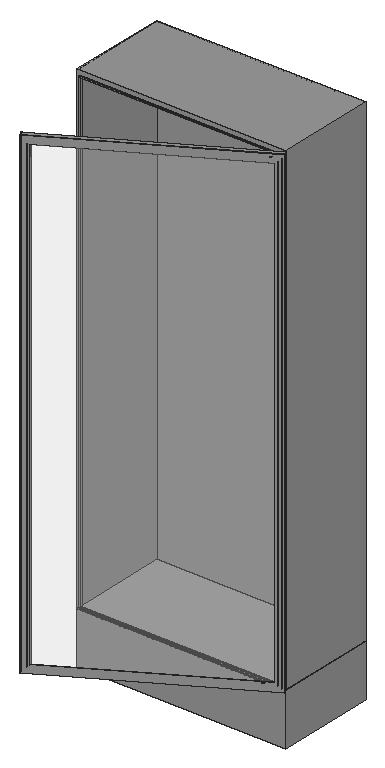
Revit family "Hager-Univers-IP55-D400-H2050-Cl.II-Steel_encl-NoHosted-NL-en", category Equipement électrique, Revit 2020
Family settings
  Configuration du panneau = Deux colonnes, circuits au sein
  Cote de connecteur circulaire = Utiliser le diamètre
  Type d'élément = Tableau de raccordement
  Basée sur le plan de construction = Oui
  Toujours verticalement = Oui
  Couper avec des vides une fois chargée = Non
  Partagée = Non
  Point de calcul de pièce = Non
Parameters (values of type "Floor installation IP55 W800 H2050 D400  - FR23U2")
  Width Control [instance] = if([EF000008 - Width] > Min Width, [EF000008 - Width], Min Width)  # 800 mm
  Commentaires du type = [HG000003 - Range]  # "Univers"
  Thickness Door [instance] = if([EF009171 - Material plate thickness door/cover] > 3 mm, 3 mm, [EF009171 - Material plate thickness door/cover])  # 1.5 mm
  Seal Frame Offset [instance] = 17 mm  # constant formula
  Plinth Visibility [instance] = [HG000027 - Plinth height] > 0 mm  # yes
  Min Width [instance] = 100 mm  # constant formula
  Min Depth [instance] = (2 * [EF009170 - Material plate thickness cabinet]) + 1 mm  # 4 mm
  Min Height [instance] = 100 mm  # constant formula
  Internal Frame Depth [instance] = (Door System Depth * 0.5)  # 9 mm
  Panel Name [instance] = ""  # (empty or 0)
  Model = ""
  HG000027 - Plinth height = 200 mm
  HG000026 - Floor standing = yes
  HG000024 - Bottom section height = 600 mm
  HG000023 - Double section enclosure = no
  HG000016 - Door 3d visibility [instance] = yes
  HG000015 - Clearance visibility [instance] = no
  HG000014 - Door on the right [instance] = yes
  HG000013 - Door on the left [instance] = not([HG000014 - Door on the right])  # no
  HG000012 - Door swing angle [instance] = 30.00°
  HG000010 - Asymmetric doors = no
  HG000009 - Double swing door = no
  HG000006 - Flush mounted = no
  HG000004 - Manufacturer reference = "FR23U2"
  HG000003 - Range = "Univers"
  HG000002 - With door or cover = yes
  Frame Offset Bottom [instance] = 10 mm  # constant formula
  Frame Offset [instance] = 15 mm  # constant formula
  EF015940 - Cover with overpressure release = no
  EF011959 - Degree of protection (NEMA) = ""
  EF009554 - Number of openings for flange plates = 6
  EF009212 - Cover model = "EV000116 - Closed"
  EF009171 - Material plate thickness door/cover = 1.5 mm
  EF009170 - Material plate thickness cabinet = 1.5 mm
  EF008873 - Nominal current (In) = 800 A
  EF007800 - Suitable for lightning protection = no
  EF006306 - With lock = no
  EF006244 - Transparent cover/door = yes
  EF005474 - Degree of protection (IP) = "EV006420 - IP55"
  EF004464 - Type of door = "EV002646 - Single"
  EF004427 - Number of modules = 432
  EF004293 - Impact strength = "EV008784 - IK10"
  EF003532 - Suitable for outdoor use = no
  EF002950 - Width in number of modular spacings = 24
  EF001613 - Circuit integrity = "EV000494 - None"
  EF001596 - Material housing = "EV000179 - Steel"
  EF001131 - Internal depth = 400 mm
  EF001088 - Extension possible = yes
  EF000437 - Number of conduit inlets = 6
  EF000339 - Type of cover = "EV004216 - Door"
  EF000266 - Number of rows = 12
  EF000218 - Built-in depth = 0 mm
  EF000118 - With mounting plate = no
  EF000116 - RAL-number = "7035"
  EF000049 - Depth = 400 mm
  EF000040 - Height = 2050 mm
  EF000008 - Width = 800 mm
  EF000007 - Colour = "EV000270 - Grey"
  EF000003 - Mounting method = "EV012274 - Floor installation"
  Door System Leaf Tolerance [instance] = 1.5 mm  # constant formula
  Door System Depth [instance] = 18 mm  # constant formula
  Door Height [instance] = Height Control - [HG000027 - Plinth height]  # 1850 mm
  Description = ""
  Default Elevation = 1219.2 mm
  Connector Offset [instance] = Height Control / 2  # 1025 mm
  Fabricant = "Hager"  # constant formula
  Height Control [instance] = if([EF000040 - Height] > Min Height, [EF000040 - Height], Min Height)  # 2050 mm
  Depth Control [instance] = if([EF000049 - Depth] > Min Depth, [EF000049 - Depth], Min Depth)  # 400 mm
  Bottom Top Plate Trim [instance] = 1.5 mm  # constant formula
  Plinth height Ctrl [instance] = if([HG000027 - Plinth height] > 0 mm, [HG000027 - Plinth height], 12 mm)  # 200 mm
Types (11, lengths in mm): name | Width Control | HG000010 - Asymmetric doors | HG000009 - Double swing door | HG000004 - Manufacturer reference | EF009554 - Number of openings for flange plates | EF006244 - Transparent cover/door | EF004464 - Type of door | EF004427 - Number of modules | EF000437 - Number of conduit inlets | EF000008 - Width
  Floor installation IP55 W1050 H2050 D400  - FR24H2 | 1050 | yes | yes | "FR24H2" | 8 | no | "EV003602 - Double" | 576 | 8 | 1050
  Floor installation IP55 W1050 H2050 D400  - FR24U2 | 1050 | yes | yes | "FR24U2" | 8 | yes | "EV003602 - Double" | 576 | 8 | 1050
  Floor installation IP55 W1300 H2050 D400  - FR25H2 | 1300 | yes | yes | "FR25H2" | 10 | no | "EV003602 - Double" | 720 | 10 | 1300
  Floor installation IP55 W1300 H2050 D400  - FR25U2 | 1300 | yes | yes | "FR25U2" | 10 | yes | "EV003602 - Double" | 720 | 10 | 1300
  Floor installation IP55 W1550 H2050 D400  - FR26H2 | 1550 | yes | yes | "FR26H2" | 12 | no | "EV003602 - Double" | 864 | 12 | 1550
  Floor installation IP55 W1550 H2050 D400  - FR26U2 | 1550 | yes | yes | "FR26U2" | 12 | yes | "EV003602 - Double" | 864 | 12 | 1550
  Floor installation IP55 W300 H2050 D400  - FR21H2 | 300 | no | no | "FR21H2" | 2 | no | "EV002646 - Single" | 144 | 2 | 300
  Floor installation IP55 W550 H2050 D400  - FR22H2 | 550 | no | no | "FR22H2" | 4 | no | "EV002646 - Single" | 288 | 4 | 550
  Floor installation IP55 W550 H2050 D400  - FR22U2 | 550 | no | no | "FR22U2" | 4 | yes | "EV002646 - Single" | 288 | 4 | 550
  Floor installation IP55 W800 H2050 D400  - FR23H2 | 800 | no | no | "FR23H2" | 6 | no | "EV002646 - Single" | 432 | 6 | 800
  Floor installation IP55 W800 H2050 D400  - FR23U2 | 800 | no | no | "FR23U2" | 6 | yes | "EV002646 - Single" | 432 | 6 | 800
Reference planes
  plane 1 "Center (Front/Back)": y = 0
  plane 2: z = 0
  plane 3 "Center (Left/Right)": x = 0
  plane 4: y = 0
  plane 5: y = 0
  plane 6: z = 0
  plane 7: x = -400
  plane 8: x = 400
  plane 9: x = 398.5
  plane 10: x = -398.5
  plane 11: z = 200
  plane 12: z = 201.5
  plane 13: y = -400
  plane 14: y = -1.5
  plane 15: x = 0
  plane 16: y = -382
  plane 17: y = -398.5
  plane 18: y = -380.5
  plane 19: x = -383.5
  plane 20: x = 383.5
  plane 21: z = 211.5
  plane 22: x = -383
  plane 23: x = 383
  plane 24: z = 200
  plane 25: z = 2050
  plane 26: z = 2050
  plane 27: z = 2033.5
  plane 28: z = 2048.5
Forms (mm)
  Extrusion 1, solid, material "Hager_Steel_RAL7035_Light_Grey", detail levels medium+fine
    sketch origin (-208.679, -4572, 200) x (-1, 0, 0) y (0, -1, 0)
      loop
        line (191.321, -4190) -> (-608.679, -4190) -> (-608.679, -4572) -> (191.321, -4572) -> (191.321, -4190)
    from 0 to 1850
  Extrusion 2, void
    sketch origin (-350.771, -400, 1219.2) x (1, 0, 0) y (0, 0, 1)
      loop
        line (-47.729, 829.3) -> (-47.729, -1017.7) -> (749.271, -1017.7) -> (749.271, 829.3) -> (-47.729, 829.3)
    from -19.5 to -398.5
  Extrusion 3, void
    sketch origin (-290.084, -382, 1219.2) x (1, 0, 0) y (0, 0, 1)
      loop
        line (-93.416, -1007.7) -> (673.584, -1007.7) -> (673.584, 814.3) -> (-93.416, 814.3) -> (-93.416, -1007.7)
    from 0 to -1.5
  Extrusion 4, solid, material "Hager_Steel_RAL7035_Light_Grey", visible <- "Plinth Visibility", detail levels medium+fine
    sketch origin (0, 0, 0) x (1, 0, 0) y (0, 1, 0)
      loop
        line (-400, 0) -> (-400, -382) -> (400, -382) -> (400, 0) -> (-400, 0)
    from 0 to 200 <- "Plinth height Ctrl"
  Extrusion 5, solid, material "Hager_Steel_RAL7035_Light_Grey", detail levels coarse
    sketch origin (0, 0, 0) x (1, 0, 0) y (0, 1, 0)
      loop
        line (-400, 0) -> (-400, -400) -> (400, -400) -> (400, 0) -> (-400, 0)
    from 0 to 2050 <- "Height Control"
  Sweep 6, void
    path in 3D
      loop
        line (-400, -382, 200) -> (400, -382, 200) -> (400, 0, 200) -> (-400, 0, 200) -> (-400, -382, 200)
    profile origin (-400, -191, 200) x (1, 0, 0) y (0, 0, 1)
      loop
        line (0, 0) -> (0, -1.5) -> (1.5, -1.5)
        arc (1.5, -1.5) -> (1.061, -0.439) -> (0, 0) r 1.5
  Extrusion 7, solid, material "Hager_Steel_RAL7035_Light_Grey", detail levels fine
    sketch origin (-400, -382, 200) x (1, 0, 0) y (0, 0, 1)
      loop
        line (16.5, 11.5) -> (783.5, 11.5) -> (783.5, 1833.5) -> (16.5, 1833.5) -> (16.5, 11.5)
      loop
        line (15, 10) -> (785, 10) -> (785, 1835) -> (15, 1835) -> (15, 10)
    from 0 to 9 <- "Internal Frame Depth"
Cuts and joins
  Extrusion 2, Extrusion 3 cuts Extrusion 1
  Sweep 6 cuts Extrusion 4
Lines and regions (mm)
  Masking region 1
    outline origin (0, 0, 0) x (1, 0, 0) y (0, 1, 0)
      loop
        line (-400, 0) -> (-400, -400) -> (400, -400) -> (400, 0) -> (-400, 0)
  Masking region 2, detail levels coarse
    outline origin (-290.084, -382, 1219.2) x (-1, 0, 0) y (0, 0, 1)
      loop
        line (-690.084, -1219.2) -> (109.916, -1219.2) -> (109.916, 830.8) -> (-690.084, 830.8) -> (-690.084, -1219.2)
  Masking region 3, detail levels coarse
    outline origin (0, 0, 0) x (0, 1, 0) y (0, 0, 1)
      loop
        line (0, 0) -> (0, 2050) -> (-400, 2050) -> (-400, 0) -> (0, 0)
  Masking region 4, visible <- "Plinth Visibility", detail levels medium+fine
    outline origin (0, 0, 0) x (0, 1, 0) y (0, 0, 1)
      loop
        line (-1.5, 200) -> (-380.5, 200)
        arc (-380.5, 200) -> (-380.939, 198.939) -> (-382, 198.5) r 1.5
        line (-382, 198.5) -> (-382, 0) -> (0, 0) -> (0, 198.5)
        arc (0, 198.5) -> (-1.061, 198.939) -> (-1.5, 200) r 1.5
  Masking region 5, detail levels medium+fine
    outline origin (0, 0, 594.038) x (0, 1, 0) y (0, 0, 1)
      loop
        line (0, -394.038) -> (0, 1455.962) -> (-382, 1455.962) -> (-382, -394.038) -> (0, -394.038)
  Masking region 6, detail levels medium+fine
    outline origin (-359.7, -382, 1211.883) x (-1, 0, 0) y (0, 0, 1)
      loop
        line (-759.7, -1011.883) -> (40.3, -1011.883) -> (40.3, 838.117) -> (-759.7, 838.117) -> (-759.7, -1011.883)
  Masking region 7, visible <- "Plinth Visibility", detail levels medium+fine
    outline origin (-320.334, -382, 1041.368) x (-1, 0, 0) y (0, 0, 1)
      loop
        line (-720.334, -1041.368) -> (79.666, -1041.368) -> (79.666, -842.868)
        arc (79.666, -842.868) -> (78.606, -842.429) -> (78.166, -841.368) r 1.5
        line (78.166, -841.368) -> (-718.834, -841.368)
        arc (-718.834, -841.368) -> (-719.273, -842.429) -> (-720.334, -842.868) r 1.5
        line (-720.334, -842.868) -> (-720.334, -1041.368)
  sketch lines
    curve 1: line (-400, 0, 200) -> (-400, -382, 200)
    curve 2: line (-400, -382, 200) -> (400, -382, 200)
    curve 3: line (400, 0, 200) -> (-400, 0, 200)
    curve 4: line (400, -382, 200) -> (400, 0, 200)
Dimensions and locks
  locked: plane 1 "Center (Front/Back)" to plane 5
  "EF009170 - Material plate thickness cabinet": plane 7 to plane 10
  "EF009170 - Material plate thickness cabinet": plane 8 to plane 9
  equal spacing: plane 7, plane 3 "Center (Left/Right)", plane 8
  "Width Control": plane 7 to plane 8
  "Depth Control": plane 4 to plane 13
  "EF009170 - Material plate thickness cabinet": plane 4 to plane 14
  "Height Control": plane 25 to level
  "HG000027 - Plinth height": plane 11 to level
  "EF009170 - Material plate thickness cabinet": plane 12 to plane 11
  "EF009170 - Material plate thickness cabinet": plane 17 to plane 13
  "EF009170 - Material plate thickness cabinet": plane 18 to plane 16
  "Frame Offset Bottom": plane 21 to plane 12
  "Frame Offset": plane 10 to plane 19
  "Frame Offset": plane 9 to plane 20
  "Door System Depth": plane 16 to plane 13
  "Seal Frame Offset": plane 7 to plane 22
  "Seal Frame Offset": plane 8 to plane 23
  "EF009170 - Material plate thickness cabinet": plane 26 to plane 28
  "Frame Offset": plane 28 to plane 27
  "Connector Offset": plane 2 to connector elem
  "Bottom Top Plate Trim": profile plane to Sweep 6 sketch curve
  "Bottom Top Plate Trim": Sweep 6 sketch curve to Sweep 6 sketch curve
  "Plinth height Ctrl": Masking region 4 sketch curve to level
  "Plinth height Ctrl": Masking region 7 sketch curve to level
  "Thickness Door": Extrusion 7 sketch curve to Extrusion 7 sketch curve  (x4)
  "Bottom Top Plate Trim": radius of Sweep 6 sketch curve
  "Bottom Top Plate Trim": radius of Masking region 4 sketch curve  (x2)
  "Bottom Top Plate Trim": radius of Masking region 7 sketch curve  (x2)
  aligned and locked: Extrusion 2 sketch curve to plane 12
  aligned and locked: Extrusion 2 sketch curve to plane 9
  aligned and locked: Extrusion 2 sketch curve to plane 10
  aligned and locked: Extrusion 2 to plane 14
  aligned and locked: Extrusion 1 sketch curve to plane 4
  aligned and locked: plane 8 to Extrusion 1 sketch curve
  aligned and locked: plane 7 to Extrusion 1 sketch curve
  aligned and locked: Extrusion 2 to plane 18
  aligned and locked: Extrusion 3 sketch curve to plane 19
  aligned and locked: plane 20 to Extrusion 3 sketch curve
  aligned and locked: Extrusion 3 to Extrusion 2
  aligned and locked: Extrusion 3 sketch curve to plane 21
  aligned and locked: plane 3 "Center (Left/Right)" to nested 1
  aligned and locked: Extrusion 1 sketch curve to plane 16
  aligned and locked: Extrusion 4 sketch curve to cut or joined group of Extrusion 1, Extrusion 2, Extrusion 3
  aligned and locked: Masking region 1 sketch curve to plane 7
  aligned and locked: Masking region 1 sketch curve to plane 5
  aligned and locked: Masking region 1 sketch curve to plane 8
  aligned and locked: Masking region 2 sketch curve to level
  aligned and locked: level to Masking region 3 sketch curve
  aligned and locked: plane 1 "Center (Front/Back)" to Masking region 3 sketch curve
  aligned and locked: plane 13 to Masking region 3 sketch curve
  aligned and locked: plane 5 to Masking region 4 sketch curve
  aligned and locked: Masking region 2 sketch curve to plane 8
  aligned and locked: Masking region 2 sketch curve to plane 7
  aligned and locked: plane 7 to nested 2
  aligned and locked: nested 2 to plane 5
  aligned and locked: plane 5 to Masking region 5 sketch curve
  aligned and locked: plane 26 to Masking region 5 sketch curve
  aligned and locked: Extrusion 5 sketch curve to plane 8
  aligned and locked: Extrusion 5 sketch curve to plane 7
  aligned and locked: Extrusion 5 sketch curve to plane 5
  aligned and locked: Extrusion 3 sketch curve to plane 27
  aligned and locked: Extrusion 2 sketch curve to plane 28
  aligned and locked: Masking region 2 to plane 25
  aligned and locked: Extrusion 4 to plane 16
  aligned and locked: profile plane to Sweep 6 sketch curve
  aligned and locked: Masking region 5 sketch curve to plane 24
  aligned and locked: level to Masking region 4 sketch curve
  aligned and locked: Masking region 1 to plane 13
  aligned and locked: nested 1 to plane 16
  aligned and locked: Masking region 3 to plane 25
  aligned and locked: plane 16 to Masking region 4 sketch curve
  aligned and locked: Masking region 5 sketch curve to plane 16
  aligned and locked: plane 24 to plane 11
  aligned and locked: plane 26 to plane 25
  aligned and locked: plane 26 to cut or joined group of Extrusion 1, Extrusion 2, Extrusion 3
  aligned and locked: nested 1 to plane 24
  aligned and locked: Extrusion 1 to Extrusion 3
  aligned and locked: Masking region 6 sketch curve to plane 8
  aligned and locked: Masking region 6 sketch curve to plane 24
  aligned and locked: Masking region 6 sketch curve to plane 7
  aligned and locked: Masking region 6 sketch curve to plane 26
  aligned and locked: Masking region 7 sketch curve to plane 7
  aligned and locked: level to Masking region 7 sketch curve
  aligned and locked: Masking region 7 sketch curve to plane 8
  aligned and locked: Extrusion 7 sketch curve to cut or joined group of Extrusion 1, Extrusion 2, Extrusion 3  (x4)
Automatic sketch dimensions
  plane 19 to Extrusion 3 sketch curve = 0 mm
  Extrusion 3 sketch curve to plane 20 = 0 mm
  Extrusion 3 sketch curve to plane 21 = 0 mm
  Extrusion 4 sketch curve to plane 7 = 0 mm
  Extrusion 4 sketch curve to plane 8 = 0 mm
  Extrusion 4 sketch curve to plane 16 = 0 mm
  Masking region 1 sketch curve to plane 13 = 0 mm
  Masking region 2 sketch curve to plane 25 = 0 mm
  Masking region 3 sketch curve to plane 25 = 0 mm
  Extrusion 5 sketch curve to plane 13 = 0 mm
  profile plane to Sweep 6 sketch curve = 0 mm
Nested families
  nested 1: "EC000058_Univers_Door" at (0, -382, 200), Double <- "HG000009 - Double swing door", Transparent <- "EF006244 - Transparent cover/door", Angle <- "HG000012 - Door swing angle", Door_Right <- "HG000014 - Door on the right", Assymetrical <- "HG000010 - Asymmetric doors", Door <- "HG000002 - With door or cover", Width_Ctrl <- "Width Control", 3d_Door <- "HG000016 - Door 3d visibility", Clearance <- "HG000015 - Clearance visibility", Door_Left <- "HG000013 - Door on the left", Width <- "Width Control", Door_Depth <- "Door System Depth", Leaf_Tolerance <- "Door System Leaf Tolerance", Height <- "Door Height", Lock_Visibility <- "EF006306 - With lock", Thickness <- "Thickness Door", type "EC000058_Univers_Door", detail levels medium+fine
    with min_wh 4 mm, Width_Ctrl 800 mm, Width 800 mm, Transparent yes, Thickness 1.5 mm, Seal_Material Hager_Rubber, Lock_Visibility no, Lock_Material Hager_Plastic_RAL9005_Jet_Black, Leaf_Width 800 mm, Leaf_Tolerance_External_Sides 0 mm, Leaf_Tolerance 1.5 mm, Leaf_Offset 0 mm, Leaf_Height 1847 mm, Leaf_2_Width 800 mm, Leaf_2_Offset 400 mm, Leaf_1_Width 800 mm, Leaf_1_Offset 400 mm, Height_Ctrl 1850 mm, Height 1850 mm, Glass_Material Hager_Glass, Double_Clearance_Ctrl no, Double no, Door_Right_Ctrl yes, Door_Right yes, Door_Material Hager_Steel_RAL7035_Light_Grey, Door_Left_Ctrl no, Door_Left no, Door_Depth 18 mm, Door yes, Clearance_Material Hager_Clearance, Clearance_Depth 800 mm, Clearance_Ctrl no, Clearance no, Assymetrical no, Angle 30.00°, 3d_Door yes
  nested 2: "Hager_Enclosure_Symbol" at (-400, 0, 0), Height <- "Depth Control", Width <- "Width Control", type "Hager_Enclosure_Symbol"
    with Width_Ctrl 800 mm, Width 800 mm, Height_Ctrl 400 mm, Height 400 mm, A_Width_Int 26.25 mm, A_Width 315 mm, A_Height_Ctrl 350 mm, A_Height 350 mm
Connectors
  electrical at (0, 0, 1025)
    settings: on plane 1 "Center (Front/Back)", index 1, voltage 0 V, apparent load 0 VA, apparent load phase1 0 VA, apparent load phase2 0 VA, apparent load phase3 0 VA, power factor 1, load classification "Other", number of poles 1, system type 30, power factor state 1, is connector primary yes, connector utility no, sub classification motor no, connector description ""
Definition of nested family "EC000058_Univers_Door"
  Parameters (values of type "EC000058_Univers_Door")
    min_wh [instance] = (2 * Thickness) + 1 mm  # 11 mm
    Width_Ctrl [instance] = 400 mm
    Width [instance] = 500 mm
    Transparent [instance] = yes
    Thickness [instance] = 5 mm
    Seal_Material [instance] = none
    Lock_Visibility [instance] = yes
    Lock_Material [instance] = none
    Leaf_Width [instance] = if((Width_Ctrl - 2 * Leaf_Tolerance_External_Sides) > 0 mm, (Width_Ctrl - 2 * Leaf_Tolerance_External_Sides), min_wh)  # 400 mm
    Leaf_Tolerance_External_Sides [instance] = 0 mm  # constant formula
    Leaf_Tolerance [instance] = 1.5 mm
    Leaf_Offset [instance] = 0 mm  # constant formula
    Leaf_Height [instance] = if((Height_Ctrl - 2 * Leaf_Tolerance) > 0 mm, (Height_Ctrl - 2 * Leaf_Tolerance), min_wh)  # 497 mm
    Leaf_2_Width [instance] = if(and(and(Double, Assymetrical), Door_Left), (Leaf_Width / 3) - (Leaf_Tolerance / 2), if(and(and(Double, Assymetrical), Door_Right), (Leaf_Width / 3) * 2 - (Leaf_Tolerance / 2), if(and(Double, not(Assymetrical)), (Leaf_Width / 2) - Leaf_Tolerance, Leaf_Width)))  # 400 mm
    Leaf_2_Offset [instance] = if(and(Double, Assymetrical), Leaf_2_Width / 2, if(and(Double, not(Assymetrical)), Leaf_Width / 4, Leaf_Width / 2))  # 200 mm
    Leaf_1_Width [instance] = if(and(and(Double, Assymetrical), Door_Right), (Leaf_Width / 3) - (Leaf_Tolerance / 2), if(and(and(Double, Assymetrical), Door_Left), (Width / 3) * 2 - (Leaf_Tolerance / 2), if(and(Double, not(Assymetrical)), (Leaf_Width / 2) - Leaf_Tolerance, Leaf_Width)))  # 400 mm
    Leaf_1_Offset [instance] = if(and(Double, Assymetrical), Leaf_1_Width / 2, if(and(Double, not(Assymetrical)), Leaf_Width / 4, Leaf_Width / 2))  # 200 mm
    Height_Ctrl [instance] = if(Height > min_wh, Height, min_wh)  # 500 mm
    Height [instance] = 500 mm
    Glass_Material [instance] = none
    Double_Clearance_Ctrl [instance] = and(Double, Clearance)  # no
    Double [instance] = no
    Door_Right_Ctrl [instance] = and(or(Door_Right, Double), Door)  # yes
    Door_Right [instance] = yes
    Door_Material [instance] = none
    Door_Left_Ctrl [instance] = and(or(Door_Left, Double), Door)  # no
    Door_Left [instance] = no
    Door_Depth [instance] = 30 mm
    Door [instance] = yes
    Default Elevation = 1219.2 mm
    Clearance_Material [instance] = none
    Clearance_Depth [instance] = if(Leaf_1_Width > Leaf_2_Width, Leaf_1_Width, Leaf_2_Width)  # 400 mm
    Clearance_Ctrl [instance] = and(not(Double), Clearance)  # yes
    Clearance [instance] = yes
    Assymetrical [instance] = yes
    Angle [instance] = 30.00°
    3d_Door [instance] = yes
  Reference planes
    plane 1 "Center (Front/Back)": y = 0
    plane 2 "Bottom": z = 0
    plane 3 "Center (Left/Right)": x = 0
    plane 4: z = 500
    plane 5: x = -200
    plane 6: x = 200
    plane 7: z = 500
    plane 8: x = -200
    plane 9: z = 0
    plane 10: x = 200
    plane 11: y = 0
    plane 12: z = 1.5
    plane 13: x = -600
    plane 14: y = -400
    plane 15: x = 600
    plane 16: x = 0
    plane 17: x = 0
    plane 18: x = -200
    plane 19: x = 200
    plane 20: z = 498.5
  Forms (mm)
    Extrusion 1, solid, material <- "Clearance_Material", visible <- "Double_Clearance_Ctrl"
      sketch origin (1200, 0, 0) x (1, 0, 0) y (0, 0, -1)
        loop
          line (-1800, -498.5) -> (-600, -498.5) -> (-600, 0) -> (-1800, 0) -> (-1800, -498.5)
      from 0 to -400
  Dimensions and locks
    equal spacing: plane 5, plane 3 "Center (Left/Right)", plane 6
    "Width_Ctrl": plane 5 to plane 6
    "Leaf_Offset": plane 5 to plane 8
    "Leaf_Offset": plane 6 to plane 10
    "Leaf_Offset": plane 9 to level
    "Leaf_Offset": plane 4 to plane 7
    "Height_Ctrl": plane 4 to level
    "Leaf_Tolerance": plane 12 to plane 9
    locked: plane 11 to plane 1 "Center (Front/Back)"
    "Leaf_1_Offset": plane 18 to plane 16
    "Leaf_2_Offset": plane 17 to plane 19
    "Leaf_1_Width": plane 13 to plane 8
    "Leaf_2_Width": plane 10 to plane 15
    "Clearance_Depth": plane 14 to plane 1 "Center (Front/Back)"
    "Leaf_Tolerance_External_Sides": plane 8 to plane 18
    "Leaf_Tolerance_External_Sides": plane 19 to plane 10
    "Leaf_Tolerance": plane 7 to plane 20
    aligned and locked: level to plane 2 "Bottom"
    aligned and locked: nested 1 to plane 16
    aligned and locked: nested 2 to plane 17
    aligned and locked: Extrusion 1 to plane 13
    aligned and locked: plane 15 to Extrusion 1
    aligned and locked: Extrusion 1 to plane 14
    aligned and locked: plane 12 to nested 1
    aligned and locked: nested 2 to plane 12
    aligned and locked: Extrusion 1 to plane 11
    aligned and locked: plane 20 to Extrusion 1
    aligned and locked: nested 2 to plane 11
    aligned and locked: nested 1 to plane 11
  Automatic sketch dimensions
    Extrusion 1 sketch curve to level = 0 mm
    plane 5 to Extrusion 1 sketch curve = 400 mm
    plane 6 to Extrusion 1 sketch curve = 400 mm
    Extrusion 1 sketch curve to plane 4 = 1.5 mm
  Nested families
    nested 1: "EC000058_Univers_Door_Leaf" at (0, 0, 1.5), Width <- "Leaf_1_Width", visible <- "Door_Left_Ctrl", Leaf_Height <- "Leaf_Height", Angle <- "Angle", 3d_Door <- "3d_Door", Transparent <- "Transparent", Clearance Material <- "Clearance_Material", Clearance <- "Clearance_Ctrl", Door_Material <- "Door_Material", Glass_Material <- "Glass_Material", Door_Depth <- "Door_Depth", Lock_Material <- "Lock_Material", Seal_Material <- "Seal_Material", Lock_Visibility <- "Lock_Visibility", Thickness <- "Thickness", type "EC000058_Univers_Door_Leaf"
      with Width 400 mm, Transparent_Glass_Offset 30 mm, Transparent_Ctrl yes, Transparent yes, Thickness 5 mm, Standard no, Seal_Material none, Seal_D2 8 mm, Seal_D1 1 mm, Offset_Internal_Frame 10 mm, Lock_Width 20 mm, Lock_Visibility_3d yes, Lock_Visibility yes, Lock_Thickness_3 3 mm, Lock_Thickness_2 1 mm, Lock_Thickness_1 3 mm, Lock_Radius_Offset_2 16 mm, Lock_Radius_Offset_1 15 mm, Lock_Radius_2 5 mm, Lock_Radius 6 mm, Lock_Offset 5 mm, Lock_Material none, Lock_Height 80 mm, Lock_Cover_Top_Offset_2d 17 mm, Lock_Cover_Height -65 mm, Leaf_Height 497 mm, Internal_Seal_Thickness 8 mm, Internal_Seal_Depth_2 4.5 mm, Internal_Frame_Depth 25 mm, Glass_Thickness -1 mm, Glass_Offset -2 mm, Glass_Material none, Door_Material none, Door_Depth 30 mm, Clearance Material none, Clearance yes, Angle_Ctrl 30.00°, Angle 30.00°, 3d_Door yes
    nested 2: "EC000058_Univers_Door_Leaf" at (0, 0, 1.5) x (-1, 0, 0) z (0, 0, 1), Width <- "Leaf_2_Width", visible <- "Door_Right_Ctrl", Leaf_Height <- "Leaf_Height", Angle <- "Angle", 3d_Door <- "3d_Door", Transparent <- "Transparent", Clearance Material <- "Clearance_Material", Clearance <- "Clearance_Ctrl", Door_Material <- "Door_Material", Glass_Material <- "Glass_Material", Door_Depth <- "Door_Depth", Lock_Material <- "Lock_Material", Seal_Material <- "Seal_Material", Lock_Visibility <- "Lock_Visibility", Thickness <- "Thickness", type "EC000058_Univers_Door_Leaf"
      with Width 400 mm, Transparent_Glass_Offset 30 mm, Transparent_Ctrl yes, Transparent yes, Thickness 5 mm, Standard no, Seal_Material none, Seal_D2 8 mm, Seal_D1 1 mm, Offset_Internal_Frame 10 mm, Lock_Width 20 mm, Lock_Visibility_3d yes, Lock_Visibility yes, Lock_Thickness_3 3 mm, Lock_Thickness_2 1 mm, Lock_Thickness_1 3 mm, Lock_Radius_Offset_2 16 mm, Lock_Radius_Offset_1 15 mm, Lock_Radius_2 5 mm, Lock_Radius 6 mm, Lock_Offset 5 mm, Lock_Material none, Lock_Height 80 mm, Lock_Cover_Top_Offset_2d 17 mm, Lock_Cover_Height -65 mm, Leaf_Height 497 mm, Internal_Seal_Thickness 8 mm, Internal_Seal_Depth_2 4.5 mm, Internal_Frame_Depth 25 mm, Glass_Thickness -1 mm, Glass_Offset -2 mm, Glass_Material none, Door_Material none, Door_Depth 30 mm, Clearance Material none, Clearance yes, Angle_Ctrl 30.00°, Angle 30.00°, 3d_Door yes
  Definition of nested family "EC000058_Univers_Door_Leaf"
    Parameters (values of type "EC000058_Univers_Door_Leaf")
      Width [instance] = 2000 mm
      Transparent_Glass_Offset [instance] = 30 mm
      Transparent_Ctrl [instance] = and(Transparent, [3d_Door])  # yes
      Transparent [instance] = yes
      Thickness [instance] = 5 mm
      Standard [instance] = and(not(Transparent), [3d_Door])  # no
      Seal_Material [instance] = none
      Seal_D2 [instance] = 8 mm  # constant formula
      Seal_D1 [instance] = 1 mm  # constant formula
      Offset_Internal_Frame [instance] = 10 mm  # constant formula
      Lock_Width [instance] = 20 mm  # constant formula
      Lock_Visibility_3d [instance] = and(Lock_Visibility, [3d_Door])  # yes
      Lock_Visibility [instance] = yes
      Lock_Thickness_3 [instance] = 3 mm  # constant formula
      Lock_Thickness_2 [instance] = 1 mm  # constant formula
      Lock_Thickness_1 [instance] = 3 mm  # constant formula
      Lock_Radius_Offset_2 [instance] = Lock_Radius_Offset_1 + 1 mm  # 16 mm
      Lock_Radius_Offset_1 [instance] = 15 mm  # constant formula
      Lock_Radius_2 [instance] = Lock_Radius - 1 mm  # 5 mm
      Lock_Radius [instance] = 6 mm  # constant formula
      Lock_Offset [instance] = 5 mm  # constant formula
      Lock_Material [instance] = none
      Lock_Height [instance] = 80 mm  # constant formula
      Lock_Cover_Top_Offset_2d [instance] = Lock_Radius_Offset_2 + 1 mm  # 17 mm
      Lock_Cover_Height [instance] = -(Lock_Height - Lock_Radius_Offset_1)  # -65 mm
      Leaf_Height [instance] = 2720.336 mm
      Internal_Seal_Thickness [instance] = 8 mm  # constant formula
      Internal_Seal_Depth_2 [instance] = 4.5 mm  # constant formula
      Internal_Frame_Depth [instance] = if(Door_Depth - Thickness > 5 mm, Door_Depth - Thickness, 5 mm)  # 25 mm
      Glass_Thickness [instance] = if(Thickness > 15 mm, Glass_Offset + 10 mm, -1 mm)  # -1 mm
      Glass_Offset [instance] = if(Thickness > 15 mm, -(Thickness + 10 mm) / 2, -2 mm)  # -2 mm
      Glass_Material [instance] = none
      Door_Material [instance] = none
      Door_Depth [instance] = 30 mm
      Default Elevation = 0 mm
      Clearance Material [instance] = none
      Clearance [instance] = yes
      Angle_Ctrl [instance] = if(Angle > 180.00°, 180.00°, Angle)  # 90.00°
      Angle [instance] = 90.00°
      3d_Door [instance] = yes
    Reference planes
      plane 1 "Center (Front/Back)": y = 0
      plane 2: z = 0
      plane 3 "Center (Left/Right)": x = 0
      plane 4: y = 2000
      plane 5: x = -1000
      plane 6: x = 1000
      plane 7: x = -3000
      plane 8: z = 2720.336
      plane 9: z = 30
      plane 10: z = 2690.336
      plane 11: x = 970
      plane 12: x = -970
      plane 13: y = -3
      plane 14: z = 107.833
      plane 15: y = -5
      plane 16: y = -223.314
      plane 17: x = -1000
      plane 18: z = 1360.168
      plane 19: y = 30
    Forms (mm)
      Extrusion 1, solid, material <- "Clearance Material", visible <- "Clearance"
        sketch origin (0, 0, 0) x (1, 0, 0) y (0, 0, 1)
          loop
            line (-3000, 2720.336) -> (-3000, 0) -> (1000, 0) -> (1000, 2720.336) -> (-3000, 2720.336)
        from 0 to -2000
      Extrusion 2, solid, material <- "Door_Material", visible <- "Standard", detail levels medium+fine
        sketch origin (-1000, 0, 0) x (0, 1, 0) y (-1, 0, 0)
          loop
            line (0, 30) -> (0, 25) -> (2000, 25) -> (2000, 30) -> (0, 30)
        from 0 to 2720.336 <- "Leaf_Height"
      Extrusion 3, solid, material <- "Door_Material", visible <- "Transparent_Ctrl", detail levels medium+fine
        sketch origin (-1000, 0, 0) x (0, 1, 0) y (-1, 0, 0)
          loop
            line (0, 25) -> (2000, 25) -> (2000, 30) -> (0, 30) -> (0, 25)
        from 0 to 2720.336 <- "Leaf_Height"
      Extrusion 4, void
        sketch origin (-1025, 2000, 0) x (0, 1, 0) y (0, 0, -1)
          loop
            line (-30, -2690.336) -> (-30, -30) -> (-1970, -30) -> (-1970, -2690.336) -> (-30, -2690.336)
        from 0 to 5 <- "Thickness"
      Sweep 5, solid, material <- "Seal_Material", visible <- "Transparent_Ctrl", detail levels fine
        path in 3D
          loop
            line (-1025, 30, 30) -> (-1025, 30, 2690.336) -> (-1025, 1970, 2690.336) -> (-1025, 1970, 30) -> (-1025, 30, 30)
        profile origin (-1025, 1000, 30) x (1, 0, 0) y (0, 0, 1)
          loop
            line (0, 0) -> (0, -8) -> (1, -8) -> (1, 0) -> (0, 0)
      Extrusion 6, solid, material <- "Glass_Material", visible <- "Transparent_Ctrl", detail levels medium+fine
        sketch origin (-1030, 0, 0) x (0, 1, 0) y (0, 0, -1)
          loop
            line (1970, -2690.336) -> (1970, -30) -> (30, -30) -> (30, -2690.336) -> (1970, -2690.336)
        from -2 <- "Glass_Offset" to -1 <- "Glass_Thickness"
      Extrusion 7, solid, material <- "Door_Material", visible <- "3d_Door", detail levels medium+fine
        sketch origin (-1025, 2000, 0) x (0, -1, 0) y (0, 0, -1)
          loop
            line (0, -2720.336) -> (2000, -2720.336) -> (2000, 0) -> (0, 0) -> (0, -2720.336)
          loop
            line (1995, -5) -> (5, -5) -> (5, -2715.336) -> (1995, -2715.336) -> (1995, -5)
        from 0 to 25 <- "Internal_Frame_Depth"
      Sweep 8, solid, material <- "Seal_Material", visible <- "Transparent_Ctrl", detail levels fine
        path in 3D
          loop
            line (-1025, 0, 0) -> (-1025, 2000, 0) -> (-1025, 2000, 2720.336) -> (-1025, 0, 2720.336) -> (-1025, 0, 0)
        profile origin (-1025, 0, 1360.168) x (1, 0, 0) y (0, 1, 0)
          loop
            line (0, 10) -> (2.975, 10)
            arc (2.975, 10) -> (4.053, 10.447) -> (4.5, 11.525) r 1.525
            line (4.5, 11.525) -> (4.5, 16.527)
            arc (4.5, 16.527) -> (4.069, 17.569) -> (3.027, 18) r 1.473
            line (3.027, 18) -> (0, 18) -> (0, 10)
      Extrusion 9, solid, material <- "Lock_Material", visible <- "Lock_Visibility_3d", detail levels fine
        sketch origin (-1030, 0, 0) x (0, 1, 0) y (0, 0, -1)
          loop
            arc (1993.5, -1400.168) -> (1994.561, -1399.729) -> (1995, -1398.668) r 1.5
            line (1995, -1398.668) -> (1995, -1320.168) -> (1975, -1320.168) -> (1975, -1398.668)
            arc (1975, -1398.668) -> (1975.439, -1399.729) -> (1976.5, -1400.168) r 1.5
            line (1976.5, -1400.168) -> (1993.5, -1400.168)
        from 3 <- "Lock_Thickness_1" to 0
      Blend 10, solid, material <- "Lock_Material", visible <- "Lock_Visibility_3d", detail levels fine
        base sketch origin (-1033, 0, 0) x (0, 1, 0) y (0, 0, -1)
          loop
            line (1975, -1320.168) -> (1975, -1398.668)
            arc (1975, -1398.668) -> (1975.439, -1399.729) -> (1976.5, -1400.168) r 1.5
            line (1976.5, -1400.168) -> (1993.5, -1400.168)
            arc (1993.5, -1400.168) -> (1994.561, -1399.729) -> (1995, -1398.668) r 1.5
            line (1995, -1398.668) -> (1995, -1320.168) -> (1975, -1320.168)
        top sketch origin (-1033, 0, 0) x (0, 1, 0) y (0, 0, -1)
          loop
            line (1976, -1320.168) -> (1976, -1398.668)
            arc (1976, -1398.668) -> (1976.146, -1399.022) -> (1976.5, -1399.168) r 0.5
            line (1976.5, -1399.168) -> (1993.5, -1399.168)
            arc (1993.5, -1399.168) -> (1993.854, -1399.022) -> (1994, -1398.668) r 0.5
            line (1994, -1398.668) -> (1994, -1320.168) -> (1976, -1320.168)
        from 0 to 1 <- "Lock_Thickness_2"
      Blend 11, solid, material <- "Lock_Material", visible <- "Lock_Visibility_3d", detail levels fine
        base sketch origin (-1034, 0, 0) x (0, 1, 0) y (0, 0, -1)
          loop
            line (1978, -1320.168) -> (1978, -1384.168)
            arc (1978, -1384.168) -> (1985, -1391.168) -> (1992, -1384.168) r 7
            line (1992, -1384.168) -> (1992, -1320.168) -> (1978, -1320.168)
        top sketch origin (-1034, 0, 0) x (0, 1, 0) y (0, 0, -1)
          loop
            line (1991, -1320.168) -> (1979, -1320.168) -> (1979, -1383.168)
            arc (1979, -1383.168) -> (1985, -1389.168) -> (1991, -1383.168) r 6
            line (1991, -1383.168) -> (1991, -1320.168)
        from 0 to 3 <- "Lock_Thickness_3"
      Extrusion 12, solid, material <- "Lock_Material", visible <- "Lock_Visibility_3d", detail levels fine
        sketch origin (-1030, 1975, 1320.168) x (1, 0, 0) y (0, -1, 0)
          loop
            line (-7, -19) -> (-7, -1) -> (0, -1) -> (0, 0) -> (-8, 0) -> (-8, -20) -> (0, -20) -> (0, -19) -> (-7, -19)
        from 0 to -65 <- "Lock_Cover_Height"
      Extrusion 13, void
        sketch origin (-1038, 1995, 1320.168) x (-1, 0, 0) y (0, 0, -1)
          loop
            line (-5, -65) -> (0, -65) -> (-5, -60) -> (-5, -65)
        from 0 to 20 <- "Lock_Width"
      Extrusion 14, void
        sketch origin (-1038, 1975, 1320.168) x (0, -1, 0) y (0, 0, -1)
          loop
            circle (-10, -15.995) r 6
          loop
            circle (-10, -15.995) r 5
        from 0 to 2
      Extrusion 15, solid, material <- "Lock_Material", visible <- "Lock_Visibility_3d", detail levels medium
        sketch origin (-1030, 0, 0) x (0, 1, 0) y (0, 0, -1)
          loop
            arc (1993.5, -1400.168) -> (1994.561, -1399.729) -> (1995, -1398.668) r 1.5
            line (1995, -1398.668) -> (1995, -1320.168) -> (1975, -1320.168) -> (1975, -1398.668)
            arc (1975, -1398.668) -> (1975.439, -1399.729) -> (1976.5, -1400.168) r 1.5
            line (1976.5, -1400.168) -> (1993.5, -1400.168)
        from 8 to 0
    Cuts and joins
      Extrusion 4 cuts Extrusion 3
      Extrusion 13, Extrusion 14 cuts Extrusion 9
      Extrusion 14 cuts Blend 11
      Extrusion 13, Extrusion 14 cuts Extrusion 12
      joined: Extrusion 9, Blend 10, Blend 11, Extrusion 12
      Extrusion 14 cuts Extrusion 15
    Lines and regions (mm)
      Masking region 1, visible <- "Lock_Visibility", detail levels fine
        outline origin (0, 0, 0) x (0, 1, 0) y (0, 0, 1)
          loop
            line (30, 1320.168) -> (33, 1320.168) -> (33, 1400.168) -> (30, 1400.168) -> (30, 1320.168)
      Masking region 2, visible <- "Lock_Visibility", detail levels fine
        outline origin (0, 3.143, 0) x (0, 1, 0) y (0, 0, 1)
          loop
            line (29.857, 1354.168) -> (30.857, 1354.168) -> (30.857, 1366.168) -> (29.857, 1366.168) -> (29.857, 1354.168)
      Masking region 3, detail levels medium+fine
        outline origin (0, 0, 0) x (0, 1, 0) y (0, 0, 1)
          loop
            line (0, 0) -> (30, 0) -> (30, 2720.336) -> (0, 2720.336) -> (0, 0)
      Masking region 4, detail levels medium+fine
        outline origin (0, 0, 0) x (1, 0, 0) y (0, 0, 1)
          loop
            line (-1000, 2720.336) -> (-1000, 0) -> (1000, 0) -> (1000, 2720.336) -> (-1000, 2720.336)
      Masking region 5, visible <- "Lock_Visibility", detail levels fine
        outline origin (-47.116, 0, 0) x (1, 0, 0) y (0, 0, 1)
          loop
            arc (1024.616, 1399.168) -> (1023.556, 1398.729) -> (1023.116, 1397.668) r 1.5
            line (1023.116, 1397.668) -> (1023.116, 1320.168) -> (1041.116, 1320.168) -> (1041.116, 1397.668)
            arc (1041.116, 1397.668) -> (1040.677, 1398.729) -> (1039.616, 1399.168) r 1.5
            line (1039.616, 1399.168) -> (1024.616, 1399.168)
      Masking region 6, visible <- "Lock_Visibility", detail levels medium+fine
        outline origin (-25, 0, 0) x (1, 0, 0) y (0, 0, 1)
          loop
            arc (1001.5, 1400.168) -> (1000.439, 1399.729) -> (1000, 1398.668) r 1.5
            line (1000, 1398.668) -> (1000, 1320.168) -> (1020, 1320.168) -> (1020, 1398.668)
            arc (1020, 1398.668) -> (1019.561, 1399.729) -> (1018.5, 1400.168) r 1.5
            line (1018.5, 1400.168) -> (1001.5, 1400.168)
      Masking region 7, visible <- "Lock_Visibility", detail levels fine
        outline origin (-73.735, 0, 0) x (1, 0, 0) y (0, 0, 1)
          loop
            line (1051.735, 1382.168) -> (1065.735, 1382.168) -> (1065.735, 1384.168)
            arc (1065.735, 1384.168) -> (1058.735, 1391.168) -> (1051.735, 1384.168) r 7
            line (1051.735, 1384.168) -> (1051.735, 1382.168)
      Masking region 8, visible <- "Lock_Visibility", detail levels fine
        outline origin (-73.735, 0, 0) x (1, 0, 0) y (0, 0, 1)
          loop
            line (1052.735, 1382.168) -> (1064.735, 1382.168) -> (1064.735, 1383.168)
            arc (1064.735, 1383.168) -> (1058.735, 1389.168) -> (1052.735, 1383.168) r 6
            line (1052.735, 1383.168) -> (1052.735, 1382.168)
      Masking region 9, visible <- "Lock_Visibility", detail levels fine
        outline origin (-25, 0, 0) x (1, 0, 0) y (0, 0, 1)
          loop
            line (1020, 1320.168) -> (1020, 1382.168) -> (1000, 1382.168) -> (1000, 1320.168) -> (1020, 1320.168)
      Masking region 10, detail levels medium+fine
        outline origin (0, 0, 0) x (1, 0, 0) y (0, 0, 1)
          loop
            circle (985, 1335.144) r 6
      Masking region 11, detail levels fine
        outline origin (0, 0, 0) x (1, 0, 0) y (0, 0, 1)
          loop
            circle (985, 1335.144) r 5
      Masking region 12, visible <- "Lock_Visibility", detail levels fine
        outline origin (0, 12.767, 0) x (0, 1, 0) y (0, 0, 1)
          loop
            line (20.233, 1320.168) -> (21.233, 1320.168) -> (21.233, 1399.168) -> (20.233, 1400.168) -> (20.233, 1320.168)
      Masking region 13, visible <- "Lock_Visibility", detail levels fine
        outline origin (0, 13.767, -10) x (0, 1, 0) y (0, 0, 1)
          loop
            line (20.233, 1330.168) -> (23.233, 1330.168) -> (23.233, 1399.168) -> (20.233, 1402.168) -> (20.233, 1330.168)
      Masking region 14, visible <- "Lock_Visibility", detail levels fine
        outline origin (0, 12.767, -10) x (0, 1, 0) y (0, 0, 1)
          loop
            line (20.233, 1330.168) -> (25.233, 1330.168) -> (25.233, 1399.305) -> (20.233, 1394.305) -> (20.233, 1330.168)
      Masking region 15, visible <- "Lock_Visibility", detail levels medium
        outline origin (0, 0, 0) x (0, 1, 0) y (0, 0, 1)
          loop
            line (30, 1320.168) -> (38, 1320.168) -> (38, 1400.168) -> (30, 1400.168) -> (30, 1320.168)
      Masking region 16, visible <- "Lock_Visibility", detail levels fine
        outline origin (-1000, 0, 0) x (0, 1, 0) y (-1, 0, 0)
          loop
            line (1975, 30) -> (1995, 30) -> (1995, 38) -> (1975, 38) -> (1975, 30)
          loop
            line (1979, 37) -> (1976, 37) -> (1976, 34) -> (1978, 34) -> (1979, 37)
          loop
            line (1994, 37) -> (1991, 37) -> (1992, 34) -> (1994, 34) -> (1994, 37)
      Masking region 17, visible <- "Lock_Visibility", detail levels medium
        outline origin (-1000, 0, 0) x (0, 1, 0) y (-1, 0, 0)
          loop
            line (1975, 30) -> (1995, 30) -> (1995, 38) -> (1975, 38) -> (1975, 30)
      symbolic lines
        curve 1: line (1000, 0, 0) -> (-3000, 0, 0)
        curve 2: arc (1000, 0, 0) -> (-1000, 2000, 0) -> (-3000, 0, 0) r 2000
        curve 4: line (-1030, 0, 0) -> (-1030, 2000, 0)
      reference lines
        curve 3: line (-1000, 0, 0) -> (-1000, 2000, 0)
      symbolic lines, detail levels medium+fine
        curve 5: line (-1030, 2000, 0) -> (-1025, 2000, 0)
        curve 7: line (-1025, 0, 0) -> (-1030, 0, 0)
        curve 8: line (-1025, 0, 0) -> (-1000, 0, 0)
        curve 9: line (-1000, 0, 0) -> (-1000, 2000, 0)
        curve 10: line (-1000, 2000, 0) -> (-1025, 2000, 0)
      symbolic lines, detail levels fine
        curve 6: line (-1025, 2000, 0) -> (-1025, 0, 0)
      sketch lines
        curve 11: line (-1025, 0, 2720.336) -> (-1025, 0, 0)
        curve 12: line (-1025, 2000, 0) -> (-1025, 0, 0)
        curve 13: line (-1025, 2000, 2720.336) -> (-1025, 2000, 0)
        curve 14: line (-1025, 0, 2720.336) -> (-1025, 2000, 2720.336)
        curve 15: line (-1025, 1970, 30) -> (-1025, 30, 30)
        curve 16: line (-1025, 30, 30) -> (-1025, 30, 2690.336)
        curve 17: line (-1025, 1970, 2690.336) -> (-1025, 1970, 30)
        curve 18: line (-1025, 30, 2690.336) -> (-1025, 1970, 2690.336)
      symbolic lines, visible <- "Transparent", detail levels medium+fine
        curve 19: line (-970, 0, 2690.336) -> (970, 0, 2690.336)
        curve 20: line (-970, 0, 30) -> (-970, 0, 2690.336)
        curve 21: line (970, 0, 30) -> (-970, 0, 30)
        curve 22: line (970, 0, 2690.336) -> (970, 0, 30)
    Dimensions and locks
      "Width": plane 1 "Center (Front/Back)" to plane 4
      equal spacing: plane 5, plane 3 "Center (Left/Right)", plane 6
      "Width": plane 5 to plane 6
      "Width": plane 7 to plane 5
      "Leaf_Height": plane 8 to level
      "Width": curve 5 to curve 3
      "Width": curve 3 to curve 3
      plane 8 to plane 10 = 30 mm
      plane 9 to level = 30 mm
      plane 12 to plane 5 = 30 mm
      plane 6 to plane 11 = 30 mm
      Extrusion 1 to Extrusion 4 sketch curve = 30 mm
      "Transparent_Glass_Offset": curve 3 to Extrusion 4 sketch curve
      "Transparent_Glass_Offset": Extrusion 4 sketch curve to cut or joined group of Extrusion 3, Extrusion 4  (x2)
      cut or joined group of Extrusion 3, Extrusion 4 to Extrusion 6 sketch curve = 30 mm
      "Transparent_Glass_Offset": cut or joined group of Extrusion 3, Extrusion 4 to Extrusion 4 sketch curve
      "Thickness": curve 6 to curve 4
      "Thickness": Extrusion 7 sketch curve to Extrusion 7 sketch curve  (x4)
      "Door_Depth": curve 4 to curve 3
      "Offset_Internal_Frame": profile plane to Sweep 8 sketch curve
      "Internal_Seal_Thickness": Sweep 8 sketch curve to Sweep 8 sketch curve
      "Internal_Seal_Depth_2": profile plane to Sweep 8 sketch curve
      "Seal_D1": profile plane to Sweep 5 sketch curve
      "Seal_D2": profile plane to Sweep 5 sketch curve
      "Thickness": Extrusion 2 sketch curve to Extrusion 2 sketch curve
      equal spacing: Extrusion 9 sketch curve, plane 18, Extrusion 9 sketch curve  (x2)
      equal spacing: Masking region 1 sketch curve, plane 18, Masking region 1 sketch curve
      "Lock_Height": Masking region 1 sketch curve to Masking region 1 sketch curve
      "Lock_Radius": Masking region 2 sketch curve to plane 18 to Masking region 2 sketch curve
      Masking region 2 sketch curve to Masking region 1 = 1 mm
      "Door_Depth": plane 19 to plane 1 "Center (Front/Back)"
      "Lock_Thickness_1": Masking region 1 sketch curve to plane 19
      "Lock_Width": Extrusion 9 sketch curve to Extrusion 9 sketch curve
      "Lock_Height": Extrusion 9 sketch curve to Extrusion 9 sketch curve
      "Lock_Offset": cut or joined group of Extrusion 3, Extrusion 4 to Extrusion 9 sketch curve
      equal spacing: plane 8, plane 18, level
      "Lock_Radius_Offset_1": Blend 11 sketch curve to Blend 10
      locked: Blend 10 to Blend 11 sketch curve at 2  (x2)
      locked: var sketch to Blend 11 sketch curve at 1  (x2)
      "Lock_Radius_Offset_2": Blend 11 sketch curve to Blend 10
      locked: Extrusion 12 sketch curve to Extrusion 12 sketch curve at 1  (x3)
      Masking region 6 sketch curve to Masking region 6 sketch curve = 80 mm
      "Lock_Height": Masking region 6 sketch curve to Masking region 6 sketch curve
      "Lock_Width": Masking region 6 sketch curve to Masking region 6 sketch curve
      locked: Masking region 6 to Masking region 5 sketch curve at 1  (x3)
      locked: Masking region 5 to Masking region 7 sketch curve at 2  (x2)
      "Lock_Radius_Offset_1": Masking region 5 to Masking region 7 sketch curve
      "Lock_Radius_Offset_2": Masking region 5 to Masking region 8 sketch curve
      locked: Masking region 7 to Masking region 8 sketch curve at 1  (x2)
      "Lock_Cover_Top_Offset_2d": Masking region 5 to Masking region 9 sketch curve
      equal spacing: Masking region 9, Masking region 10 sketch curve, Masking region 9
      equal spacing: Masking region 9, Masking region 11 sketch curve, Masking region 9
      Extrusion 15 sketch curve to Extrusion 15 sketch curve = 80 mm
      "Lock_Width": Extrusion 15 sketch curve to Extrusion 15 sketch curve
      "Lock_Height": Extrusion 15 sketch curve to Extrusion 15 sketch curve
      equal spacing: Extrusion 15 sketch curve, plane 18, Extrusion 15 sketch curve
      "Lock_Thickness_3": Masking region 13 sketch curve to Masking region 13 sketch curve
      "Lock_Height": Masking region 12 sketch curve to Masking region 12 sketch curve
      locked: Masking region 13 sketch curve to Masking region 1 at 8
      locked: Masking region 14 sketch curve to Masking region 13 at 1
      locked: Masking region 14 sketch curve to Masking region 1 at 10.863
      "Lock_Height": Masking region 15 sketch curve to Masking region 15 sketch curve
      "Lock_Offset": Extrusion 15 sketch curve to cut or joined group of Extrusion 3, Extrusion 4
      "Lock_Offset": plane 6 to Masking region 6 sketch curve
      radius of Sweep 8 sketch curve = 1.525 mm
      radius of Sweep 8 sketch curve = 1.473 mm
      radius of Extrusion 9 sketch curve = 1.5 mm  (x2)
      "Lock_Radius": radius of Extrusion 14 sketch curve
      "Lock_Radius_2": radius of Extrusion 14 sketch curve
      "Lock_Radius": radius of Masking region 10 sketch curve
      "Lock_Radius_2": radius of Masking region 11 sketch curve
      radius of Extrusion 15 sketch curve = 1.5 mm  (x2)
      "Angle_Ctrl": angle plane 1 "Center (Front/Back)" to curve 3
      locked: Masking region 12 sketch curve to Masking region 12 sketch curve (angle 45.00°)
      locked: Masking region 13 sketch curve to Masking region 13 sketch curve (angle 45.00°)
      locked: Masking region 14 sketch curve to Masking region 14 sketch curve (angle 45.00°)
      aligned and locked: level to plane 2
      aligned and locked: Extrusion 1 to curve 1
      aligned and locked: plane 6 to Extrusion 1
      aligned and locked: Extrusion 1 to plane 1 "Center (Front/Back)"
      aligned and locked: plane 4 to Extrusion 1
      aligned and locked: plane 8 to Extrusion 1
      aligned and locked: curve 7 to Extrusion 2 sketch curve
      aligned and locked: curve 5 to Extrusion 2 sketch curve
      aligned and locked: curve 7 to Extrusion 3 sketch curve
      aligned and locked: Extrusion 3 sketch curve to curve 4
      aligned and locked: Extrusion 3 sketch curve to curve 6
      aligned and locked: Extrusion 3 sketch curve to curve 5
      aligned and locked: curve 9 to curve 3
      aligned and locked: Extrusion 7 sketch curve to cut or joined group of Extrusion 3, Extrusion 4  (x4)
      aligned and locked: plane 17 to curve 3
      aligned and locked: plane 1 "Center (Front/Back)" to curve 3
      aligned and locked: plane 17 to plane 5
      aligned and locked: Sweep 8 sketch curve to profile plane
      aligned and locked: Sweep 5 sketch curve to profile plane  (x2)
      aligned and locked: Masking region 1 to Masking region 2 sketch curve
      aligned and locked: plane 19 to Masking region 1 sketch curve
      aligned and locked: plane 1 "Center (Front/Back)" to Masking region 3 sketch curve
      aligned and locked: plane 19 to Masking region 3 sketch curve
      aligned and locked: level to Masking region 3 sketch curve
      aligned and locked: Masking region 3 sketch curve to plane 8
      aligned and locked: plane 17 to Masking region 4 sketch curve
      aligned and locked: level to Masking region 4 sketch curve
      aligned and locked: Masking region 4 sketch curve to plane 8
      aligned and locked: plane 12 to curve 20
      aligned and locked: plane 10 to curve 19
      aligned and locked: plane 11 to curve 22
      aligned and locked: curve 21 to plane 9
      aligned and locked: Extrusion 2 sketch curve to cut or joined group of Extrusion 3, Extrusion 4
      aligned and locked: Blend 10 sketch curve to Extrusion 9  (x4)
      aligned and locked: Extrusion 9 to Blend 10 sketch curve
      aligned and locked: Blend 10 to Blend 11 sketch curve
      aligned and locked: Extrusion 12 sketch curve to Blend 11
      aligned and locked: Extrusion 12 sketch curve to Extrusion 9  (x4)
      aligned and locked: Masking region 5 sketch curve to Masking region 6
      aligned and locked: Masking region 9 sketch curve to Masking region 6  (x3)
      aligned and locked: Masking region 12 sketch curve to Masking region 1
      aligned and locked: Masking region 13 sketch curve to Masking region 1
      aligned and locked: Masking region 12 to Masking region 14
      aligned and locked: Masking region 14 sketch curve to Masking region 1
      aligned and locked: Masking region 15 sketch curve to Masking region 14
      aligned and locked: Masking region 13 sketch curve to Masking region 12
      aligned and locked: Masking region 16 sketch curve to cut or joined group of Extrusion 14, Extrusion 15  (x4)
      aligned and locked: Masking region 16 sketch curve to cut or joined group of Extrusion 9, Blend 10, Blend 11, Extrusion 12, Extrusion 13, Extrusion 14  (x6)
      aligned and locked: cut or joined group of Extrusion 9, Blend 10, Blend 11, Extrusion 12, Extrusion 13, Extrusion 14 to Masking region 16 sketch curve
      aligned and locked: Masking region 17 sketch curve to cut or joined group of Extrusion 14, Extrusion 15  (x3)
      aligned and locked: Masking region 17 sketch curve to cut or joined group of Extrusion 9, Blend 10, Blend 11, Extrusion 12, Extrusion 13, Extrusion 14
      aligned and locked: Masking region 9 to Masking region 8 sketch curve
      aligned and locked: Masking region 9 to Masking region 7 sketch curve
    Automatic sketch dimensions
      plane 1 "Center (Front/Back)" to curve 2 = 0 mm
      curve 2 to plane 5 = 0 mm
      Extrusion 1 sketch curve to level = 0 mm
      Extrusion 1 sketch curve to plane 7 = 0 mm
      Extrusion 1 sketch curve to plane 6 = 0 mm
      Extrusion 1 sketch curve to plane 8 = 0 mm
      Extrusion 3 to Extrusion 6 sketch curve = 30 mm  (x4)
      Masking region 4 sketch curve to plane 6 = 0 mm
      Blend 10 sketch curve to Extrusion 9 = 1.5 mm
      Blend 10 sketch curve to Extrusion 9 = 1 mm
      Extrusion 13 sketch curve to Extrusion 12 = 0 mm  (x2)
      Extrusion 12 to Extrusion 13 sketch curve = 3 mm
      Extrusion 13 sketch curve to Extrusion 12 = 5 mm
      Extrusion 14 sketch curve to Extrusion 14 sketch curve = 0 mm  (x2)
      Extrusion 14 sketch curve to Extrusion 12 = 10 mm
      Extrusion 14 sketch curve to Extrusion 12 = 15.995 mm
      Masking region 5 sketch curve to Masking region 5 sketch curve = 1.5 mm  (x2)
      Masking region 10 sketch curve to plane 18 = 25.024 mm
      Masking region 11 sketch curve to plane 18 = 25.024 mm
      plane 19 to Masking region 14 sketch curve = 3 mm
      Masking region 16 sketch curve to Masking region 16 sketch curve = 3 mm
      curve 4 to curve 3 = 0 mm
      Blend 10 to Blend 11 sketch curve = 0 mm
      Masking region 6 sketch curve to Masking region 6 sketch curve = 1.5 mm  (x2)
      Masking region 6 sketch curve to plane 18 = 40 mm
      plane 19 to Masking region 12 sketch curve = 3 mm
      Masking region 12 sketch curve to Masking region 12 sketch curve = 1 mm
      Masking region 15 sketch curve to plane 19 = 0 mm
      Masking region 15 sketch curve to plane 18 = 40 mm
      radius of Blend 10 sketch curve to Extrusion 9 = 1 mm
Definition of nested family "Hager_Enclosure_Symbol"
  Parameters (values of type "Hager_Enclosure_Symbol")
    Width_Ctrl [instance] = if(Width > 1 mm, Width, 1 mm)  # 102.27 mm
    Width [instance] = 102.27 mm
    Height_Ctrl [instance] = if(Height > 1 mm, Height, 1 mm)  # 66.5 mm
    A_Width_Int [instance] = if(A_Width / 12 > 2 mm, A_Width / 12, 2 mm)  # 4.364 mm
    A_Width [instance] = if(A_Height_Ctrl * 0.9 > 2 mm, A_Height_Ctrl * 0.9, 2 mm)  # 52.369 mm
    A_Height_Ctrl [instance] = if(A_Height > 2 mm, A_Height, 2 mm)  # 58.188 mm
    Height [instance] = 66.5 mm
    A_Height [instance] = Height - (Height / 8)  # 58.188 mm
  Reference planes
    plane 1 "Centre (avant/arrière)": y = 0
    plane 2: z = 0
    plane 3 "Centre (gauche/droite)": x = 0
    plane 4: x = 52.369
    plane 5: y = 33.042
    plane 6: y = 41.77
    plane 7: y = 66.5
    plane 8: x = 26.184
    plane 9: y = 37.406
    plane 10: x = 102.27
    plane 11: y = 66.5
    plane 12: y = 8.313
  Lines and regions (mm)
    Filled region 1, type "Solid_Black", in view "Niveau de réf."
      outline origin (0, 0, 0) x (1, 0, 0) y (0, 1, 0)
        loop
          line (52.369, 66.5) -> (33.188, 54.536) -> (45.365, 45.006) -> (52.369, 66.5)
    Filled region 2, type "Solid_Black", in view "Niveau de réf."
      outline origin (0, 0, 0) x (1, 0, 0) y (0, 1, 0)
        loop
          line (0, 0) -> (102.27, 0) -> (102.27, 66.5) -> (0, 0)
    detail lines, in view "Niveau de réf."
      curve 1: line (0, 8.313, 0) -> (26.184, 41.77, 0)
      curve 2: line (26.184, 41.77, 0) -> (26.184, 33.042, 0)
      curve 3: line (26.184, 33.042, 0) -> (52.369, 66.5, 0)
  Dimensions and locks
    "A_Width": plane 3 "Centre (gauche/droite)" to plane 4
    equal spacing: plane 3 "Centre (gauche/droite)", plane 8, plane 4
    equal spacing: plane 6, plane 9, plane 5
    equal spacing: curve 3, Filled region 1 sketch curve, Filled region 1 sketch curve
    "Height_Ctrl": plane 1 "Centre (avant/arrière)" to plane 11
    "A_Height_Ctrl": plane 11 to plane 12
    equal spacing: plane 11, plane 9, plane 12
    "A_Width_Int": plane 6 to plane 9
    "Width_Ctrl": plane 3 "Centre (gauche/droite)" to plane 10
    angle Filled region 1 sketch curve to curve 3 = 20.00°
    angle curve 3 to Filled region 1 sketch curve = 20.00°
    locked: curve 3 to Filled region 1 sketch curve (angle 90.00°)
    aligned and locked: plane 10 to Filled region 2
    aligned and locked: plane 11 to Filled region 2 sketch curve
    aligned and locked: plane 10 to Filled region 2 sketch curve
    aligned and locked: plane 3 "Centre (gauche/droite)" to curve 1
    aligned and locked: plane 12 to curve 1
    aligned and locked: plane 7 to plane 11
  Automatic sketch dimensions
    Filled region 1 sketch curve to plane 4 = 0 mm
    Filled region 1 sketch curve to plane 7 = 0 mm
    plane 1 "Centre (avant/arrière)" to Filled region 2 sketch curve = 0 mm
    Filled region 2 sketch curve to plane 3 "Centre (gauche/droite)" = 0 mm
    curve 2 to plane 6 = 0 mm
    curve 2 to plane 8 = 0 mm
    curve 3 to plane 4 = 0 mm
    curve 2 to plane 5 = 0 mm
    curve 3 to plane 7 = 0 mm
